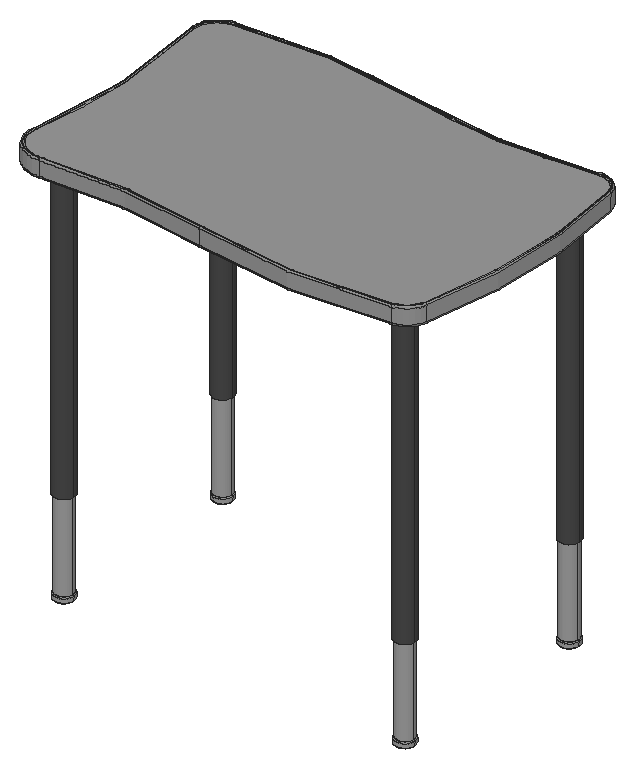
Revit family "Porcelain Creator Rectangle Desk", category Generic Models, Revit 2018
Family settings
  Can host rebar = No
  Round Connector Dimension = Use Diameter
  Part Type = Normal
  Work Plane-Based = No
  Always vertical = Yes
  Cut with Voids When Loaded = No
  Shared = No
  Room Calculation Point = No
Parameters
  Table Height = 2' - 5"
  Leg Finish = Shapes Leg Black
  Caster/Glider = Shapes Leg - Glide : Shapes Leg - Glide
Reference planes (in)
  plane 1 "Center (Front/Back)": y = 0
  plane 2: z = 0
  plane 3 "Center (Left/Right)": x = 0
  plane 4: z = 29
Dimensions and locks (in)
  "Table Height": plane 4 to level
  aligned and locked: plane 2 to level
  aligned and locked: plane 4 to nested 5
Nested families (in)
  nested 1: "Shapes Leg - Glide" at (13.8023, 7.15158, 0), Leg Height <- "Table Height", type <- "Caster/Glider", Shapes Leg Finish <- "Leg Finish", type "Shapes Leg - Glide"
    with Shapes Leg Finish Shapes Leg Black, Leg Height 2' - 5"
  nested 2: "Shapes Leg - Glide" at (13.73849, -7.99225, 0), Leg Height <- "Table Height", Shapes Leg Finish <- "Leg Finish", type <- "Caster/Glider", type "Shapes Leg - Glide"
    with Shapes Leg Finish Shapes Leg Black, Leg Height 2' - 5"
  nested 3: "Shapes Leg - Glide" at (-12.35347, -6.95918, 0), Leg Height <- "Table Height", Shapes Leg Finish <- "Leg Finish", type "Shapes Leg - Glide"
    with Shapes Leg Finish Shapes Leg Black, Leg Height 2' - 5"
  nested 4: "Shapes Leg - Glide" at (-12.5229, 7.95489, 0), Leg Height <- "Table Height", Shapes Leg Finish <- "Leg Finish", type "Shapes Leg - Glide"
    with Shapes Leg Finish Shapes Leg Black, Leg Height 2' - 5"
  nested 5: "Porcelain Creator Rectangle Desk Tabletop" at (0, 0, 15.70205), type "Porcelain Creator Rectangle Desk Tabletop"
Definition of nested family "Shapes Leg - Glide"
  Parameters (values of type "Shapes Leg - Glider")
    Shapes Leg Finish [instance] = none
    Leg Height [instance] = 2' - 4 1/2"
  Reference planes (in)
    plane 1 "Center (Front/Back)": y = 0
    plane 2: z = 0
    plane 3 "Center (Left/Right)": x = 0
  Forms (in)
    Extrusion 1, solid
      sketch origin (-0.01562, 0, 0) x (1, 0, 0) y (0, 1, 0)
        loop
          circle (0.01563, 0) r 0.64906
      from 0.50586 to 20.17439
  Dimensions and locks (in)
    "Leg Height": nested 2 to level
    aligned and locked: plane 2 to level
  Automatic sketch dimensions
    plane 1 "Center (Front/Back)" to Extrusion 1 sketch curve = 0' - 0"
    Extrusion 1 sketch curve to plane 3 "Center (Left/Right)" = 0' - 0"
    radius of Extrusion 1 sketch curve = 0' - 0.64906"
  Nested families (in)
    nested 1: "Glider" at (0, 0, 0), type "Glider"
    nested 2: "Shapes Upper Leg" at (0, 0, 0), Shapes Leg Finish <- "Shapes Leg Finish", type "Shapes Upper Leg"
      with Shapes Leg Finish none
  Definition of nested family "Glider"
    Reference planes (in)
      plane 1 "Center (Front/Back)": y = 0
      plane 2: z = 0
      plane 3 "Center (Left/Right)": x = 0
    Forms (in)
      Revolve 1, solid
        sketch origin (0, 0, 0) x (1, 0, 0) y (0, 0, 1)
          loop
            line (0.26614, 0.50586) -> (0, 0.50586) -> (0, 0.09994) -> (0.71656, 0.09994) -> (0.71656, 0.37634)
            arc (0.71656, 0.37634) -> (0.70181, 0.41548) -> (0.66511, 0.43552) r 0.06011
            arc (0.66511, 0.43552) -> (0.46609, 0.45951) -> (0.26614, 0.47365) r 4.06535
            line (0.26614, 0.47365) -> (0.26614, 0.50586)
          axis (0, 0.50586) -> (0, 0.09994)
        angle from 0 to 360
      Revolve 2, solid
        sketch origin (0, 0, 0) x (1, 0, 0) y (0, 0, 1)
          loop
            line (0.65534, 0.1212) -> (0, 0.1212) -> (0, 0) -> (0.57593, 0)
            arc (0.57593, 0) -> (0.63208, 0.02326) -> (0.65534, 0.07941) r 0.07941
            line (0.65534, 0.07941) -> (0.65534, 0.1212)
          axis (0, 0.1212) -> (0, 0)
        angle from 0 to 360
    Dimensions and locks (in)
      aligned and locked: plane 2 to level
  Definition of nested family "Shapes Upper Leg"
    Parameters (values of type "Shapes Upper Leg")
      Shapes Leg Finish [instance] = none
    Reference planes (in)
      plane 1 "Center (Front/Back)": y = 0
      plane 2: z = 0
      plane 3 "Center (Left/Right)": x = 0
    Forms (in)
      Extrusion 1, solid, material <- "Shapes Leg Finish"
        sketch origin (0, 0, 0) x (1, 0, 0) y (0, 1, 0)
          loop
            circle (0, 0) r 0.75
        from 6.5 to 28.5
    Dimensions and locks (in)
      aligned and locked: plane 2 to level
Definition of nested family "Porcelain Creator Rectangle Desk Tabletop"
  Parameters (values of type "Porcelain Creator Rectangle Desk Tabletop")
    Surface = none
    Edgeband = none
  Reference planes (in)
    plane 1 "Center (Front/Back)": y = 0
    plane 2: z = 0
    plane 3 "Center (Left/Right)": x = 0
  Forms (in)
    Extrusion 1, solid
      sketch origin (39.28513, -9.17802, 0) x (1, 0, 0) y (0, 1, 0)
        loop
          arc (-39.26399, 18.96346) -> (-46.05969, 19.73649) -> (-52.88567, 19.3061) r 38.85945
          arc (-52.88567, 19.3061) -> (-54.02285, 18.59597) -> (-54.28701, 17.28155) r 1.69291
          arc (-54.28701, 17.28155) -> (-53.44497, 9.9208) -> (-54.00674, 2.53336) r 39.09331
          arc (-54.00674, 2.53336) -> (-53.42548, 0.60971) -> (-51.53698, -0.07724) r 2.24409
          arc (-51.53698, -0.07724) -> (-45.35606, 0.14649) -> (-39.21721, -0.60741) r 39.09331
          arc (-39.21721, -0.60741) -> (-32.03838, -1.38819) -> (-24.83904, -0.82723) r 38.85945
          arc (-24.83904, -0.82723) -> (-23.96336, -0.38874) -> (-23.47703, 0.4613) r 1.69291
          arc (-23.47703, 0.4613) -> (-22.48778, 8.89749) -> (-23.35512, 17.34709) r 38.85945
          arc (-23.35512, 17.34709) -> (-24.05391, 18.38814) -> (-25.27727, 18.66292) r 1.69291
          arc (-25.27727, 18.66292) -> (-32.28418, 18.18244) -> (-39.26399, 18.96346) r 39.09331
      from 13.30541 to 14.53375
    Sweep 2, solid
      path origin (39.28513, -9.17802, 0) x (1, 0, 0) y (0, 1, 0)
        loop
          arc (-39.26399, 18.96346) -> (-46.05969, 19.73649) -> (-52.88567, 19.3061) r 38.85945
          arc (-52.88567, 19.3061) -> (-54.02285, 18.59597) -> (-54.28701, 17.28155) r 1.69291
          arc (-54.28701, 17.28155) -> (-53.44497, 9.9208) -> (-54.00674, 2.53336) r 39.09331
          arc (-54.00674, 2.53336) -> (-53.42548, 0.60971) -> (-51.53698, -0.07724) r 2.24409
          arc (-51.53698, -0.07724) -> (-45.35606, 0.14649) -> (-39.21721, -0.60741) r 39.09331
          arc (-39.21721, -0.60741) -> (-32.03838, -1.38819) -> (-24.83904, -0.82723) r 38.85945
          arc (-24.83904, -0.82723) -> (-23.96336, -0.38874) -> (-23.47703, 0.4613) r 1.69291
          arc (-23.47703, 0.4613) -> (-22.48778, 8.89749) -> (-23.35512, 17.34709) r 38.85945
          arc (-23.35512, 17.34709) -> (-24.05391, 18.38814) -> (-25.27727, 18.66292) r 1.69291
          arc (-25.27727, 18.66292) -> (-32.28418, 18.18244) -> (-39.26399, 18.96346) r 39.09331
      profile origin (-6.77456, 10.55846, 0) x (-0.025146, -0.999684, 0) y (0, 0, 1)
        loop
          line (0, 13.34147) -> (0, 14.50949) -> (0.10571, 14.50949) -> (0.10571, 14.54167)
          arc (0.10571, 14.54167) -> (0.07218, 14.56143) -> (0.03507, 14.57312) r 0.1716
          line (0.03507, 14.57312) -> (-0.03244, 14.57312)
          arc (-0.03244, 14.57312) -> (-0.10136, 14.54458) -> (-0.12991, 14.47566) r 0.09746
          line (-0.12991, 14.47566) -> (-0.12991, 13.3753)
          arc (-0.12991, 13.3753) -> (-0.10137, 13.30639) -> (-0.03246, 13.27785) r 0.09745
          line (-0.03246, 13.27785) -> (0.02521, 13.27783)
          arc (0.02521, 13.27783) -> (0.04767, 13.28412) -> (0.06645, 13.29795) r 0.06478
          line (0.06645, 13.29795) -> (0.06645, 13.34147) -> (0, 13.34147)
  Dimensions and locks (in)
    aligned and locked: plane 2 to level
